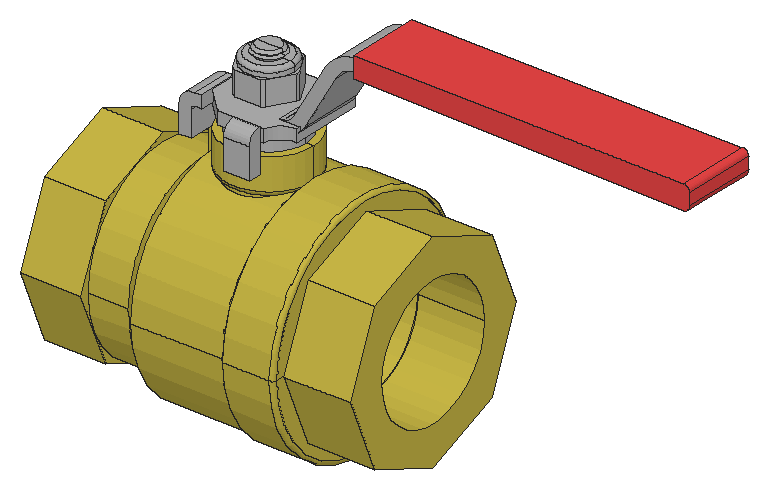
Revit family "QA01850000", category Apparecchi idraulici, Revit 2016
Family settings
  Tipo di parte = Normale
  Quota connettore circolare = Usa diametro
  Numero OmniClass = 23.45.00.00
  Titolo OmniClass = Sanitary, Laundry, and Cleaning Equipment
  Basato su piano di lavoro = No
  Sempre verticale = Sì
  Taglio con vuoti quando caricato = No
  Condiviso = No
  Punto di calcolo locali = No
Parameters
  URL = "https://web.cimberio.it/index.php/figura/1032?subcategoria_id=41693"
  DN Model [instance] = QA01851032 : QA01851032
  DN [instance] = 32 mm
Reference planes
  plane 1 "Centro (Fronte/Retro)": y = 0
  plane 2: z = 0
  plane 3 "Centro (Sinistra/Destra)": x = 0
Dimensions and locks
  aligned and locked: level to plane 2
Nested families
  nested 1: "QA01851032" at (0, 0, 0), type <- "DN Model", type "QA01851032"
  nested 2: "QA01851032" at (0, 0, 0), type <- "DN Model", type "QA01851032"
  nested 3: "QA01851032" at (0, 0, 0), type <- "DN Model", type "QA01851032"
  nested 4: "QA01851032" at (0, 0, 0), type <- "DN Model", type "QA01851032"
  nested 5: "QA01851032" at (0, 0, 0), type <- "DN Model", type "QA01851032"
  nested 6: "QA01851032" at (0, 0, 0), type <- "DN Model", type "QA01851032"
  nested 7: "QA01851032" at (0, 0, 0), type <- "DN Model", type "QA01851032"
  nested 8: "QA01851032" at (0, 0, 0), type <- "DN Model", type "QA01851032"
Connectors
  piping at (40.45, 0, 0), diameter 32, driven by "DN"
    settings: on nested 1, index 1, connector inside diameter 609.6 mm, connector length 0 mm, flow factor 0, pipe flow 0.0 L/s, pressure drop 0.0 Pa, fitting loss kfactor 0, connector angle 0.00°, fixture units 0, engagement length 0 mm, angle of deflection 0.00°, flow configuration 0, flow direction 0, fitting loss method 0, system type 19, joint type 0, gender type 0, connector reference index -1, connector utility 0, adjustable connector no, is connector primary yes, connector description ""
  piping at (-41, 0, 0), diameter 32, driven by "DN"
    settings: on nested 1, index 2, connector inside diameter 609.6 mm, connector length 0 mm, flow factor 0, pipe flow 0.0 L/s, pressure drop 0.0 Pa, fitting loss kfactor 0, connector angle 0.00°, fixture units 0, engagement length 0 mm, angle of deflection 0.00°, flow configuration 0, flow direction 0, fitting loss method 0, system type 19, joint type 0, gender type 0, connector reference index -1, connector utility 0, adjustable connector no, is connector primary no, connector description ""
Definition of nested family "QA01851032"
  Reference planes
    plane 1 "Centro (Fronte/Retro)": y = 0
    plane 2: z = 0
    plane 3 "Centro (Sinistra/Destra)": x = 0
  Forms (mm)
    Revolve 1, solid
      sketch origin (0, 0, -8.125) x (1, 0, 0) y (0, 0, 1)
        loop
          line (0, 43.3) -> (0, 25.596) -> (10.25, 25.596) -> (10.25, 34.5)
          arc (10.25, 34.5) -> (10.791, 34.856) -> (11, 35.468) r 1
          line (11, 35.468) -> (11, 43.3) -> (0, 43.3)
        axis (0, 43.3) -> (0, 25.596)
      angle from 0 to 360
    Revolve 2, solid
      sketch origin (0, 0, -8.125) x (1, 0, 0) y (0, 0, 1)
        loop
          line (0, 49.37) -> (0, 43.216) -> (9, 43.216) -> (9, 49.37) -> (0, 49.37)
        axis (0, 49.37) -> (0, 43.216)
      angle from 0 to 360
    Extrusion 3, solid
      sketch origin (0, 0, 20.425) x (1, 0, 0) y (0, 1, 0)
        loop
          arc (-3.211, 6.5) -> (-3.625, 6.279) -> (-4.024, 6.031) r 7.25
          line (-4.024, 6.031) -> (-7.235, 0.469)
          arc (-7.235, 0.469) -> (-7.25, 0) -> (-7.235, -0.469) r 7.25
          line (-7.235, -0.469) -> (-4.024, -6.031)
          arc (-4.024, -6.031) -> (-3.625, -6.279) -> (-3.211, -6.5) r 7.25
          line (-3.211, -6.5) -> (3.211, -6.5)
          arc (3.211, -6.5) -> (3.625, -6.279) -> (4.024, -6.031) r 7.25
          line (4.024, -6.031) -> (7.235, -0.469)
          arc (7.235, -0.469) -> (7.25, 0) -> (7.235, 0.469) r 7.25
          line (7.235, 0.469) -> (4.024, 6.031)
          arc (4.024, 6.031) -> (3.625, 6.279) -> (3.211, 6.5) r 7.25
          line (3.211, 6.5) -> (-3.211, 6.5)
      from 23.549 to 29.581
    Revolve 4, solid
      sketch origin (0, 0, -10.194) x (1, 0, 0) y (0, 0, 1)
        loop
          line (0, 62.2) -> (0, 60.2) -> (6.25, 60.2) -> (6.25, 61.2)
          arc (6.25, 61.2) -> (5.957, 61.907) -> (5.25, 62.2) r 1
          line (5.25, 62.2) -> (0, 62.2)
        axis (0, 62.2) -> (0, 60.2)
      angle from 0 to 360
    Extrusion 5, solid
      sketch origin (0, 0, 18.316) x (1, 0, 0) y (0, 1, 0)
        loop
          line (-8.982, 9) -> (-8.982, -6.318) -> (-2.3, -13) -> (9.101, -13)
          arc (9.101, -13) -> (10.83, -10.133) -> (13.981, -9) r 5
          line (13.981, -9) -> (13.981, 9) -> (-8.982, 9)
      from 22.682 to 25.69
    Extrusion 6, solid
      sketch origin (3.125, 0, -8.125) x (1, 0, 0) y (0, 0, 1)
        loop
          line (-16.132, 45.331) -> (-16.132, 31.583) -> (-11.132, 31.583) -> (-11.132, 45.331) -> (-16.132, 45.331)
      from 0 to 2.3
    Extrusion 7, solid
      sketch origin (-11, 0, -10.156) x (0, 0, 1) y (0, 1, 0)
        loop
          line (54.2, -13) -> (43.689, -13) -> (43.689, -15.987) -> (51.213, -15.987)
          arc (51.213, -15.987) -> (53.326, -15.112) -> (54.2, -13) r 2.987
      from -18.993 to -12.693
    Revolve 8, solid
      sketch origin (0, 0, 0) x (1, 0, 0) y (0, 1, 0)
        loop
          line (-26, 16) -> (23.85, 16) -> (23.85, 27.5)
          arc (23.85, 27.5) -> (23.557, 28.207) -> (22.85, 28.5) r 1
          line (22.85, 28.5) -> (11.45, 28.5) -> (10.45, 27.5) -> (-12.05, 27.5) -> (-16.05, 23.5) -> (-26, 23.5) -> (-26, 16)
        axis (-26, 0) -> (23.85, 0)
      angle from 0 to 360
    Extrusion 9, solid
      sketch origin (0, 0, 0) x (1, 0, 0) y (0, 0, 1)
        loop
          line (-8.627, 44.006) -> (-10.207, 44.006)
          arc (-10.207, 44.006) -> (-13.035, 42.834) -> (-14.207, 40.006) r 4
          line (-14.207, 40.006) -> (-14.207, 33.533) -> (-11.18, 33.533) -> (-11.18, 40.006)
          arc (-11.18, 40.006) -> (-10.887, 40.713) -> (-10.18, 41.006) r 1
          line (-10.18, 41.006) -> (-8.627, 41.006) -> (-8.627, 44.006)
      from 0 to 10
    Revolve 10, solid
      sketch origin (0, 0, 0) x (1, 0, 0) y (0, 0, 1)
        loop
          line (0, 54.006) -> (0, 52) -> (3.294, 52) -> (3.873, 52.579) -> (2.866, 52.906) -> (3.539, 53.36) -> (2.893, 54.006) -> (0, 54.006)
        axis (0, 54.006) -> (0, 52)
      angle from 0 to 360
    Extrusion 11, solid
      sketch origin (0, 0, 0) x (1, 0, 0) y (0, 0, 1)
        loop
          arc (27.99, 64.002) -> (23.63, 62.738) -> (20.442, 59.506) r 9
          line (20.442, 59.506) -> (12.502, 45.753)
          arc (12.502, 45.753) -> (11.058, 44.385) -> (9.101, 44.026) r 3.5
          line (9.101, 44.026) -> (9.101, 41.016)
          arc (9.101, 41.016) -> (12.562, 41.787) -> (15.103, 44.258) r 6.5
          line (15.103, 44.258) -> (23.038, 58.002)
          arc (23.038, 58.002) -> (25.129, 60.138) -> (27.99, 61.001) r 6
          line (27.99, 61.001) -> (27.99, 64.002)
      from -8 to 8
    Extrusion 12, solid
      sketch origin (0, 0, 0) x (1, 0, 0) y (0, 0, 1)
        loop
          line (27.99, 65.006) -> (27.99, 60.006) -> (109.481, 59.515)
          arc (109.481, 59.515) -> (110.547, 59.951) -> (110.99, 61.013) r 1.5
          line (110.99, 61.013) -> (110.99, 63.995)
          arc (110.99, 63.995) -> (110.549, 65.059) -> (109.484, 65.497) r 1.5
          line (109.484, 65.497) -> (27.99, 65.006)
      from -8.993 to 8.993
    Extrusion 13, solid
      sketch origin (-11, 0, 0) x (0, 0, 1) y (0, 1, 0)
        loop
          circle (0, 0) r 16
        loop
          line (25.45, 0) -> (17.996, 17.996) -> (0, 25.45) -> (-17.996, 17.996) -> (-25.45, 0) -> (-17.996, -17.996) -> (0, -25.45) -> (17.996, -17.996) -> (25.45, 0)
      from 15 to 30
    Extrusion 14, solid
      sketch origin (11, 0, 0) x (0, 0, 1) y (0, -1, 0)
        loop
          circle (0, 0) r 16
        loop
          line (25.45, 0) -> (17.996, 17.996) -> (0, 25.45) -> (-17.996, 17.996) -> (-25.45, 0) -> (-17.996, -17.996) -> (0, -25.45) -> (17.996, -17.996) -> (25.45, 0)
      from 12.85 to 29.45
  Cuts and joins
    joined: Revolve 1, Extrusion 6
  Dimensions and locks
    aligned and locked: level to plane 2
